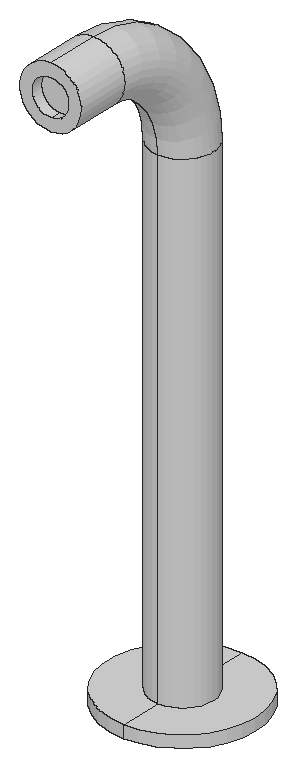
Revit family "Reece_Tap_Milli_Pure_Bath Outlet_Wall Mount_250 mm", category Plumbing Fixtures, host Face, Revit 2018
Family settings
  Host = Face
  Round Connector Dimension = Use Diameter
  Part Type = Normal
  Cut with Voids When Loaded = No
  Shared = Yes
  Room Calculation Point = Yes
Parameters (values of type "Chrome")
  URL = "https://www.reece.com.au/product/-2263289"
  Type Comments = "Tap"
  Reece_Product_Type = "Tap"  # constant formula
  Reece_Product_Description = "Milli Pure Wall Bath Outlet 250mm Chrome"
  Reece_Product_Number = "2263289"
  Reece_Product_Web Page = "https://www.reece.com.au/product/-2263289"
  Reece_Product_Brand = "Milli"  # constant formula
  Reece_Product_Sub Brand = "Pure"  # constant formula
  Reece_Product_Mount = "Wall Mounted"
  WFU = 0  # constant formula
  Reece_Tap_Reach = 250 mm  # constant formula
  Reece_Tap_Inlet = 15 mm  # constant formula
  Reece_Stand_Baseplate_Radius = 30 mm  # constant formula
  Reece_Overall_Length = 262.5 mm  # constant formula
  Reece_Material-Main = Reece_Brass_Chrome
  Reece_Detail_Shape = ""
  Reece_Detail_Installation = ""
  Reece_Detail_Disclaimer = "THIS FILE IS THE PROPERTY OF THE REECE GROUP. IT MAY NOT BE REPRODUCED, REVERSE-ENGINEERED OR MODIFIED. ANY REPUBLICATION, TRANSMISSION OR DISTRIBUTION FOR THE PURPOSE OF COMMERCIALLY EXPLOITING THE FILES IS PROHIBITED."  # constant formula
  Reece_Detail_Connector = ""
  Reece_Detail_Additional = ""
  Reece_Baseplate_Void Cut Radius = 20 mm  # constant formula
  Model = "Pure"
  Manufacturer = "Milli"
  Keynote = "Product #2263289, Reece_Tap_Milli_Pure_Bath Outlet_Wall Mount_250 mm - Chrome"
  HWFU = 0  # constant formula
  Disclaimer = "THIS FILE IS THE PROPERTY OF THE REECE GROUP. IT MAY NOT BE REPRODUCED, REVERSE-ENGINEERED OR MODIFIED. ANY REPUBLICATION, TRANSMISSION OR DISTRIBUTION FOR THE PURPOSE OF COMMERCIALLY EXPLOITING THE FILES IS PROHIBITED."  # constant formula
  Description = "Milli Pure Wall Bath Outlet 250mm Chrome"
  Default Elevation = 1000 mm
  CWFU = 0  # constant formula
Types (7, lengths in mm): name | URL | Reece_Product_Description | Reece_Product_Number | Reece_Product_Web Page | Reece_Material-Main | Keynote | Description
  (no name) | "https://www.reece.com.au/product/-2299275" | "Milli Pure Wall Bath Outlet 250mm Brushed Nickel" | "2299275" | "https://www.reece.com.au/product/-2299275" | Reece_Brass_Brushed Nickel | "Product #2299275, Reece_Tap_Milli_Pure_Bath Outlet_Wall Mount_250 mm -  " | "Milli Pure Wall Bath Outlet 250mm Brushed Nickel"
  Chrome | "https://www.reece.com.au/product/-2263289" | "Milli Pure Wall Bath Outlet 250mm Chrome" | "2263289" | "https://www.reece.com.au/product/-2263289" | Reece_Brass_Chrome | "Product #2263289, Reece_Tap_Milli_Pure_Bath Outlet_Wall Mount_250 mm - Chrome" | "Milli Pure Wall Bath Outlet 250mm Chrome"
  Matte Black | "https://www.reece.com.au/product/-2281232" | "Milli Pure Wall Bath Outlet 250mm Matte Black" | "2281232" | "https://www.reece.com.au/product/-2281232" | Reece_Brass_Matte Black | "Product #2281232, Reece_Tap_Milli_Pure_Bath Outlet_Wall Mount_250 mm - Matte Black" | "Milli Pure Wall Bath Outlet 250mm Matte Black"
  Brushed Gunmetal | "https://www.reece.com.au/product/-2281310" | "Milli Pure Wall Bath Outlet 250mm Brushed Gunmetal" | "2281310" | "https://www.reece.com.au/product/-2281310" | Reece_Brass_Brushed Gunmetal | "Product #2281310, Reece_Tap_Milli_Pure_Bath Outlet_Wall Mount_250 mm - Brushed Gunmetal" | "Milli Pure Wall Bath Outlet 250mm Brushed Gunmetal"
  Brushed Nickel | "https://www.reece.com.au/product/-2299275" | "Milli Pure Wall Bath Outlet 250mm Brushed Nickel" | "2299275" | "https://www.reece.com.au/product/-2299275" | Reece_Brass_Brushed Nickel | "Product #2299275, Reece_Tap_Milli_Pure_Bath Outlet_Wall Mount_250 mm - Brushed Nickel" | "Milli Pure Wall Bath Outlet 250mm Brushed Nickel"
  PVD Brushed Bronze | "https://www.reece.com.au/product/-9511095" | "Milli Pure Wall Bath Outlet 250mm PVD Brushed Bronze" | "9511095" | "https://www.reece.com.au/product/-9511095" | Reece_PVD_Brushed Bronze | "Product #9511095, Reece_Tap_Milli_Pure_Bath Outlet_Wall Mount_250 mm - PVD Brushed Bronze" | "Milli Pure Wall Bath Outlet 250mm PVD Brushed Bronze"
  PVD Brushed Gold | "https://www.reece.com.au/product/-9510910" | "Milli Pure Wall Bath Outlet 250mm PVD Brushed Gold" | "9510910" | "https://www.reece.com.au/product/-9510910" | Reece_PVD_Brushed Gold | "Product #9510910, Reece_Tap_Milli_Pure_Bath Outlet_Wall Mount_250 mm - PVD Brushed Gold" | "Milli Pure Wall Bath Outlet 250mm PVD Brushed Gold"
Reference planes
  plane 1 "Center (Front/Back)": y = 0
  plane 2: z = 0
  plane 3 "Center (Left/Right)": x = 0
  plane 4: z = 250
  plane 5: y = -67
  plane 6: z = 262.5
Forms (mm)
  Revolve 1, solid, material "Reece_Brass_Chrome" <- "Reece_Material-Main"
    sketch origin (0, 0, 23) x (0, 1, 0) y (0, 0, 1)
      loop
        line (10, -17.988) -> (10, -19.988) -> (27.956, -19.988) -> (27.956, -23) -> (30, -23) -> (30, -17.988) -> (10, -17.988)
      axis (0, -17.988) -> (0, -23)
    angle from 0 to 360
  Sweep 2, solid, material "Reece_Brass_Chrome" <- "Reece_Material-Main"
    path origin (0, 0, 0) x (0, 1, 0) y (0, 0, 1)
      loop
        line (0, 5.012) -> (0, 205)
        arc (0, 205) -> (-13.18, 236.82) -> (-45, 250) r 45
        line (-45, 250) -> (-67, 250)
    profile origin (0, 0, 105.006) x (0, -1, 0) y (1, 0, 0)
      loop
        circle (0, 0) r 12.5
      loop
        circle (0, 0) r 7.5
  Extrusion 3, solid, material "Reece_Brass_Chrome" <- "Reece_Material-Main"
    sketch origin (0, -68.351, 160) x (1, 0, 0) y (0, 0, 1)
      loop
        circle (0, 90) r 7.5
    from -10 to -5.89
  Revolve 4, void
    sketch origin (0, 0, 39.453) x (0, 1, 0) y (0, 0, 1)
      loop
        line (-20, -39.453) -> (-20, -79.453) -> (0, -79.453) -> (0, -39.453) -> (-20, -39.453)
      axis (0, -39.453) -> (0, -79.453)
    angle from 0 to 360
Cuts and joins
  Revolve 4 cuts Revolve 1
  Revolve 4 cuts Sweep 2
  joined: Revolve 1, Sweep 2, Extrusion 3
Text (mm)
  text "Reece Copyright © 2018, Reece Ltd." at (-1164.308, -468.56, 0), in view "Ref. Level"
  text "Reece ©" at (-7.653, 198.338, 183.77), in view "Reece Preview"
Dimensions and locks
  "Reece_Stand_Baseplate_Radius": Revolve 1 sketch curve to Revolve 1 sketch curve
  "Reece_Tap_Reach": plane 4 to host face
  "Reece_Baseplate_Void Cut Radius": Revolve 4 sketch curve to Revolve 4 sketch curve
  plane 5 to plane 1 "Center (Front/Back)" = 67 mm
  "Reece_Overall_Length": plane 6 to plane 2
  aligned and locked: host face to plane 2
  aligned and locked: level to host face
  aligned and locked: Revolve 4 sketch curve to Revolve 4 sketch curve
Automatic sketch dimensions
  host sketch curve to host sketch curve = 481.758 mm
  host sketch curve to host sketch curve = 479.681 mm
  Sweep 2 sketch curve to plane 3 "Center (Left/Right)" = 0 mm
  Sweep 2 sketch curve to profile plane = 0 mm
  Sweep 2 sketch curve to Sweep 2 sketch curve = 0 mm  (x2)
  Sweep 2 sketch curve to plane 4 = 0 mm
  Sweep 2 sketch curve to plane 5 = 0 mm
  Sweep 2 sketch curve to plane 1 "Center (Front/Back)" = 0 mm
  plane 5 to Sweep 2 sketch curve = 22 mm
  level to Sweep 2 sketch curve = 5.012 mm
  Extrusion 3 sketch curve to Extrusion 3 sketch curve = 0 mm  (x2)
  Extrusion 3 sketch curve to plane 3 "Center (Left/Right)" = 0 mm
  Extrusion 3 sketch curve to plane 4 = 0 mm
  Extrusion 3 sketch curve to plane 4 = 7.5 mm
  Revolve 1 sketch curve to plane 1 "Center (Front/Back)" = 0 mm
  Revolve 1 sketch curve to level = 0 mm
  Revolve 1 sketch curve to plane 1 "Center (Front/Back)" = 10 mm
  Revolve 1 sketch curve to Revolve 1 sketch curve = 2.044 mm
  level to Revolve 1 sketch curve = 3.012 mm
  Revolve 1 sketch curve to Revolve 1 sketch curve = 2 mm
  Revolve 1 sketch curve to level = 317.81 mm
  plane 6 to Revolve 1 sketch curve = 434.332 mm
  Revolve 4 sketch curve to level = 0 mm
  Revolve 4 sketch curve to plane 1 "Center (Front/Back)" = 0 mm
  Revolve 4 sketch curve to level = 40 mm
  Revolve 4 sketch curve to Revolve 4 sketch curve = 261.356 mm
  plane 6 to Revolve 4 sketch curve = 1851.207 mm
  radius of Sweep 2 sketch curve = 12.5 mm
  radius of Sweep 2 sketch curve = 7.5 mm
Connectors
  piping at (0, 0, 0), diameter 15, driven by "Reece_Tap_Inlet"
    settings: on host face, index 1, connector inside diameter 609.6 mm, connector length 0 mm, flow factor 0, pipe flow 0.0 L/s, pressure drop 0.0 Pa, fitting loss kfactor 0, connector angle 0.00°, fixture units 0, engagement length 0 mm, angle of deflection 0.00°, flow configuration 0, flow direction 1, fitting loss method 0, system type 29, joint type 0, gender type 0, connector reference index -1, connector utility 0, adjustable connector no, is connector primary yes, connector description ""
